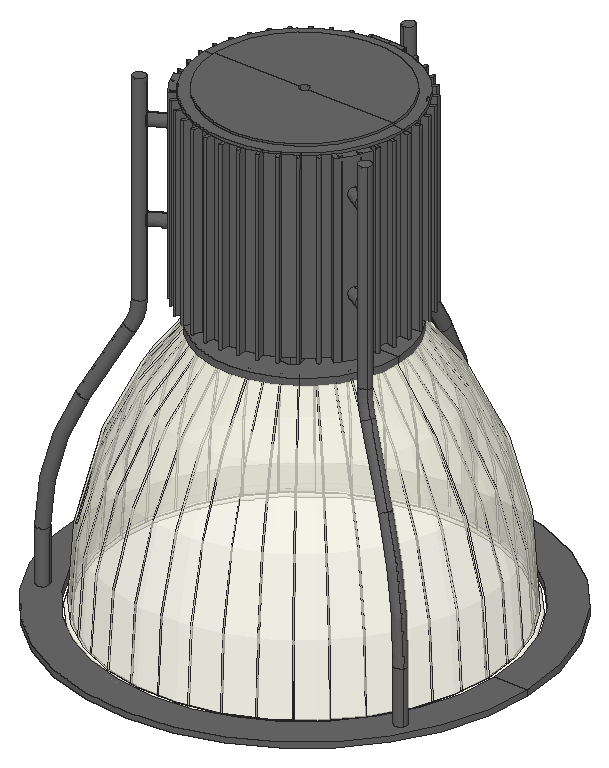
Revit family "PHSA16", category Lighting Fixtures, Revit 2024
Family settings
  Round Connector Dimension = Use Diameter
  Part Type = Normal
  OmniClass Number = 23.80.70.00
  OmniClass Title = Lighting
  Work Plane-Based = No
  Always vertical = Yes
  Cut with Voids When Loaded = No
  Light Source = No
  Maintain Annotation Orientation = No
  Shared = No
  Room Calculation Point = No
Parameters
  Default Elevation = 0' - 0"
Reference planes (in)
  plane 1 "Light Source Axis (F/B)": y = 0
  plane 2: z = 0
  plane 3 "Light Source Axis (L/R)": x = 0
  plane 4 "Light Source Elevation": z = 54
Forms (in)
  Sweep 1, solid, material "GLASS SHADE", not visible
    path origin (75.968, 0, 0.00093) x (1, 0, 0) y (0, 0, 1)
      loop
        arc (-4.5864, 68.3252) -> (-8.91952, 61.72019) -> (-10.59309, 54) r 21.63816
    profile origin (67.04848, 0, 61.72112) x (0.922209, 0, -0.386691) y (0, -1, 0)
      loop
        circle (0, 0) r 0.03125
  Revolve 2, solid, material "GLASS SHADE"
    sketch origin (0, 0, 0) x (1, 0, 0) y (0, 0, 1)
      loop
        arc (7.875, 54.25) -> (6.91833, 60.07945) -> (3.79632, 65.0945) r 15.08491
        line (3.79632, 65.0945) -> (3.66737, 65.0945)
        arc (3.66737, 65.0945) -> (6.82339, 60.06552) -> (7.7796, 54.20577) r 14.99116
        arc (7.7796, 54.20577) -> (7.92758, 54.0116) -> (7.875, 54.25) r 0.125
      axis (0, 65.0945) -> (0, 54.20577)
    angle from 0 to 360
  Sweep 3, solid, material "GLASS SHADE"
    path origin (0, 0, 0) x (1, 0, 0) y (0, 0, 1)
      loop
        arc (-7.7796, 54.20577) -> (-6.79943, 60.05854) -> (-3.66019, 65.0945) r 15.25527
    profile origin (-6.79943, 0, 60.05854) x (-0.935305, 0, 0.353843) y (0, -1, 0)
      loop
        circle (0, 0) r 0.03125
  Sweep 4, solid, material "GLASS SHADE"
    path origin (0, 0, 0) x (0.987688, -0.156434, 0) y (0, 0, 1)
      loop
        arc (-7.7796, 54.20577) -> (-6.79943, 60.05854) -> (-3.66019, 65.0945) r 15.25527
    profile origin (-6.71572, 1.06367, 60.05854) x (-0.92379, 0.146314, 0.353843) y (-0.156434, -0.987688, 0)
      loop
        circle (0, 0) r 0.03125
  Sweep 5, solid, material "GLASS SHADE"
    path origin (0, 0, 0) x (0.987688, 0.156434, 0) y (0, 0, 1)
      loop
        arc (-7.7796, 54.20577) -> (-6.79943, 60.05854) -> (-3.66019, 65.0945) r 15.25527
    profile origin (-6.71572, -1.06367, 60.05854) x (-0.92379, -0.146314, 0.353843) y (0.156434, -0.987688, 0)
      loop
        circle (0, 0) r 0.03125
  Sweep 6, solid, material "GLASS SHADE"
    path origin (0, 0, 0) x (0.951057, 0.309017, 0) y (0, 0, 1)
      loop
        arc (-7.7796, 54.20577) -> (-6.79943, 60.05854) -> (-3.66019, 65.0945) r 15.25527
    profile origin (-6.46665, -2.10114, 60.05854) x (-0.889528, -0.289025, 0.353843) y (0.309017, -0.951057, 0)
      loop
        circle (0, 0) r 0.03125
  Sweep 7, solid, material "GLASS SHADE"
    path origin (0, 0, 0) x (0.891007, 0.45399, 0) y (0, 0, 1)
      loop
        arc (-7.7796, 54.20577) -> (-6.79943, 60.05854) -> (-3.66019, 65.0945) r 15.25527
    profile origin (-6.05834, -3.08688, 60.05854) x (-0.833363, -0.424619, 0.353843) y (0.45399, -0.891007, 0)
      loop
        circle (0, 0) r 0.03125
  Sweep 8, solid, material "GLASS SHADE"
    path origin (0, 0, 0) x (0.809017, 0.587785, 0) y (0, 0, 1)
      loop
        arc (-7.7796, 54.20577) -> (-6.79943, 60.05854) -> (-3.66019, 65.0945) r 15.25527
    profile origin (-5.50086, -3.99661, 60.05854) x (-0.756677, -0.549758, 0.353843) y (0.587785, -0.809017, 0)
      loop
        circle (0, 0) r 0.03125
  Sweep 9, solid, material "GLASS SHADE"
    path origin (0, 0, 0) x (0.707107, 0.707107, 0) y (0, 0, 1)
      loop
        arc (-7.7796, 54.20577) -> (-6.79943, 60.05854) -> (-3.66019, 65.0945) r 15.25527
    profile origin (-4.80793, -4.80793, 60.05854) x (-0.66136, -0.66136, 0.353843) y (0.707107, -0.707107, 0)
      loop
        circle (0, 0) r 0.03125
  Sweep 10, solid, material "GLASS SHADE"
    path origin (0, 0, 0) x (0.587785, 0.809017, 0) y (0, 0, 1)
      loop
        arc (-7.7796, 54.20577) -> (-6.79943, 60.05854) -> (-3.66019, 65.0945) r 15.25527
    profile origin (-3.99661, -5.50086, 60.05854) x (-0.549758, -0.756677, 0.353843) y (0.809017, -0.587785, 0)
      loop
        circle (0, 0) r 0.03125
  Sweep 11, solid, material "GLASS SHADE"
    path origin (0, 0, 0) x (0.45399, 0.891007, 0) y (0, 0, 1)
      loop
        arc (-7.7796, 54.20577) -> (-6.79943, 60.05854) -> (-3.66019, 65.0945) r 15.25527
    profile origin (-3.08688, -6.05834, 60.05854) x (-0.424619, -0.833363, 0.353843) y (0.891007, -0.45399, 0)
      loop
        circle (0, 0) r 0.03125
  Sweep 12, solid, material "GLASS SHADE"
    path origin (0, 0, 0) x (0.309017, 0.951057, 0) y (0, 0, 1)
      loop
        arc (-7.7796, 54.20577) -> (-6.79943, 60.05854) -> (-3.66019, 65.0945) r 15.25527
    profile origin (-2.10114, -6.46665, 60.05854) x (-0.289025, -0.889528, 0.353843) y (0.951057, -0.309017, 0)
      loop
        circle (0, 0) r 0.03125
  Sweep 13, solid, material "GLASS SHADE"
    path origin (0, 0, 0) x (0.156434, 0.987688, 0) y (0, 0, 1)
      loop
        arc (-7.7796, 54.20577) -> (-6.79943, 60.05854) -> (-3.66019, 65.0945) r 15.25527
    profile origin (-1.06367, -6.71572, 60.05854) x (-0.146314, -0.92379, 0.353843) y (0.987688, -0.156434, 0)
      loop
        circle (0, 0) r 0.03125
  Sweep 14, solid, material "GLASS SHADE"
    path origin (0, 0, 0) x (0, 1, 0) y (0, 0, 1)
      loop
        arc (-7.7796, 54.20577) -> (-6.79943, 60.05854) -> (-3.66019, 65.0945) r 15.25527
    profile origin (0, -6.79943, 60.05854) x (0, -0.935305, 0.353843) y (1, 0, 0)
      loop
        circle (0, 0) r 0.03125
  Sweep 15, solid, material "GLASS SHADE"
    path origin (0, 0, 0) x (-0.156434, 0.987688, 0) y (0, 0, 1)
      loop
        arc (-7.7796, 54.20577) -> (-6.79943, 60.05854) -> (-3.66019, 65.0945) r 15.25527
    profile origin (1.06367, -6.71572, 60.05854) x (0.146314, -0.92379, 0.353843) y (0.987688, 0.156434, 0)
      loop
        circle (0, 0) r 0.03125
  Sweep 16, solid, material "GLASS SHADE"
    path origin (0, 0, 0) x (-0.309017, 0.951057, 0) y (0, 0, 1)
      loop
        arc (-7.7796, 54.20577) -> (-6.79943, 60.05854) -> (-3.66019, 65.0945) r 15.25527
    profile origin (2.10114, -6.46665, 60.05854) x (0.289025, -0.889528, 0.353843) y (0.951057, 0.309017, 0)
      loop
        circle (0, 0) r 0.03125
  Sweep 17, solid, material "GLASS SHADE"
    path origin (0, 0, 0) x (-0.45399, 0.891007, 0) y (0, 0, 1)
      loop
        arc (-7.7796, 54.20577) -> (-6.79943, 60.05854) -> (-3.66019, 65.0945) r 15.25527
    profile origin (3.08688, -6.05834, 60.05854) x (0.424619, -0.833363, 0.353843) y (0.891007, 0.45399, 0)
      loop
        circle (0, 0) r 0.03125
  Sweep 18, solid, material "GLASS SHADE"
    path origin (0, 0, 0) x (-0.587785, 0.809017, 0) y (0, 0, 1)
      loop
        arc (-7.7796, 54.20577) -> (-6.79943, 60.05854) -> (-3.66019, 65.0945) r 15.25527
    profile origin (3.99661, -5.50086, 60.05854) x (0.549758, -0.756677, 0.353843) y (0.809017, 0.587785, 0)
      loop
        circle (0, 0) r 0.03125
  Sweep 19, solid, material "GLASS SHADE"
    path origin (0, 0, 0) x (-0.707107, 0.707107, 0) y (0, 0, 1)
      loop
        arc (-7.7796, 54.20577) -> (-6.79943, 60.05854) -> (-3.66019, 65.0945) r 15.25527
    profile origin (4.80793, -4.80793, 60.05854) x (0.66136, -0.66136, 0.353843) y (0.707107, 0.707107, 0)
      loop
        circle (0, 0) r 0.03125
  Sweep 20, solid, material "GLASS SHADE"
    path origin (0, 0, 0) x (-0.809017, 0.587785, 0) y (0, 0, 1)
      loop
        arc (-7.7796, 54.20577) -> (-6.79943, 60.05854) -> (-3.66019, 65.0945) r 15.25527
    profile origin (5.50086, -3.99661, 60.05854) x (0.756677, -0.549758, 0.353843) y (0.587785, 0.809017, 0)
      loop
        circle (0, 0) r 0.03125
  Sweep 21, solid, material "GLASS SHADE"
    path origin (0, 0, 0) x (-0.891007, 0.45399, 0) y (0, 0, 1)
      loop
        arc (-7.7796, 54.20577) -> (-6.79943, 60.05854) -> (-3.66019, 65.0945) r 15.25527
    profile origin (6.05834, -3.08688, 60.05854) x (0.833363, -0.424619, 0.353843) y (0.45399, 0.891007, 0)
      loop
        circle (0, 0) r 0.03125
  Sweep 22, solid, material "GLASS SHADE"
    path origin (0, 0, 0) x (-0.951057, 0.309017, 0) y (0, 0, 1)
      loop
        arc (-7.7796, 54.20577) -> (-6.79943, 60.05854) -> (-3.66019, 65.0945) r 15.25527
    profile origin (6.46665, -2.10114, 60.05854) x (0.889528, -0.289025, 0.353843) y (0.309017, 0.951057, 0)
      loop
        circle (0, 0) r 0.03125
  Sweep 23, solid, material "GLASS SHADE"
    path origin (0, 0, 0) x (-0.987688, 0.156434, 0) y (0, 0, 1)
      loop
        arc (-7.7796, 54.20577) -> (-6.79943, 60.05854) -> (-3.66019, 65.0945) r 15.25527
    profile origin (6.71572, -1.06367, 60.05854) x (0.92379, -0.146314, 0.353843) y (0.156434, 0.987688, 0)
      loop
        circle (0, 0) r 0.03125
  Sweep 24, solid, material "GLASS SHADE"
    path origin (0, 0, 0) x (-1, 0, 0) y (0, 0, 1)
      loop
        arc (-7.7796, 54.20577) -> (-6.79943, 60.05854) -> (-3.66019, 65.0945) r 15.25527
    profile origin (6.79943, 0, 60.05854) x (0.935305, 0, 0.353843) y (0, 1, 0)
      loop
        circle (0, 0) r 0.03125
  Sweep 25, solid, material "GLASS SHADE"
    path origin (0, 0, 0) x (-0.987688, -0.156434, 0) y (0, 0, 1)
      loop
        arc (-7.7796, 54.20577) -> (-6.79943, 60.05854) -> (-3.66019, 65.0945) r 15.25527
    profile origin (6.71572, 1.06367, 60.05854) x (0.92379, 0.146314, 0.353843) y (-0.156434, 0.987688, 0)
      loop
        circle (0, 0) r 0.03125
  Sweep 26, solid, material "GLASS SHADE"
    path origin (0, 0, 0) x (-0.951057, -0.309017, 0) y (0, 0, 1)
      loop
        arc (-7.7796, 54.20577) -> (-6.79943, 60.05854) -> (-3.66019, 65.0945) r 15.25527
    profile origin (6.46665, 2.10114, 60.05854) x (0.889528, 0.289025, 0.353843) y (-0.309017, 0.951057, 0)
      loop
        circle (0, 0) r 0.03125
  Sweep 27, solid, material "GLASS SHADE"
    path origin (0, 0, 0) x (-0.891007, -0.45399, 0) y (0, 0, 1)
      loop
        arc (-7.7796, 54.20577) -> (-6.79943, 60.05854) -> (-3.66019, 65.0945) r 15.25527
    profile origin (6.05834, 3.08688, 60.05854) x (0.833363, 0.424619, 0.353843) y (-0.45399, 0.891007, 0)
      loop
        circle (0, 0) r 0.03125
  Sweep 28, solid, material "GLASS SHADE"
    path origin (0, 0, 0) x (-0.809017, -0.587785, 0) y (0, 0, 1)
      loop
        arc (-7.7796, 54.20577) -> (-6.79943, 60.05854) -> (-3.66019, 65.0945) r 15.25527
    profile origin (5.50086, 3.99661, 60.05854) x (0.756677, 0.549758, 0.353843) y (-0.587785, 0.809017, 0)
      loop
        circle (0, 0) r 0.03125
  Sweep 29, solid, material "GLASS SHADE"
    path origin (0, 0, 0) x (-0.707107, -0.707107, 0) y (0, 0, 1)
      loop
        arc (-7.7796, 54.20577) -> (-6.79943, 60.05854) -> (-3.66019, 65.0945) r 15.25527
    profile origin (4.80793, 4.80793, 60.05854) x (0.66136, 0.66136, 0.353843) y (-0.707107, 0.707107, 0)
      loop
        circle (0, 0) r 0.03125
  Sweep 30, solid, material "GLASS SHADE"
    path origin (0, 0, 0) x (-0.587785, -0.809017, 0) y (0, 0, 1)
      loop
        arc (-7.7796, 54.20577) -> (-6.79943, 60.05854) -> (-3.66019, 65.0945) r 15.25527
    profile origin (3.99661, 5.50086, 60.05854) x (0.549758, 0.756677, 0.353843) y (-0.809017, 0.587785, 0)
      loop
        circle (0, 0) r 0.03125
  Sweep 31, solid, material "GLASS SHADE"
    path origin (0, 0, 0) x (-0.45399, -0.891007, 0) y (0, 0, 1)
      loop
        arc (-7.7796, 54.20577) -> (-6.79943, 60.05854) -> (-3.66019, 65.0945) r 15.25527
    profile origin (3.08688, 6.05834, 60.05854) x (0.424619, 0.833363, 0.353843) y (-0.891007, 0.45399, 0)
      loop
        circle (0, 0) r 0.03125
  Sweep 32, solid, material "GLASS SHADE"
    path origin (0, 0, 0) x (-0.309017, -0.951057, 0) y (0, 0, 1)
      loop
        arc (-7.7796, 54.20577) -> (-6.79943, 60.05854) -> (-3.66019, 65.0945) r 15.25527
    profile origin (2.10114, 6.46665, 60.05854) x (0.289025, 0.889528, 0.353843) y (-0.951057, 0.309017, 0)
      loop
        circle (0, 0) r 0.03125
  Sweep 33, solid, material "GLASS SHADE"
    path origin (0, 0, 0) x (-0.156434, -0.987688, 0) y (0, 0, 1)
      loop
        arc (-7.7796, 54.20577) -> (-6.79943, 60.05854) -> (-3.66019, 65.0945) r 15.25527
    profile origin (1.06367, 6.71572, 60.05854) x (0.146314, 0.92379, 0.353843) y (-0.987688, 0.156434, 0)
      loop
        circle (0, 0) r 0.03125
  Sweep 34, solid, material "GLASS SHADE"
    path origin (0, 0, 0) x (0, -1, 0) y (0, 0, 1)
      loop
        arc (-7.7796, 54.20577) -> (-6.79943, 60.05854) -> (-3.66019, 65.0945) r 15.25527
    profile origin (0, 6.79943, 60.05854) x (0, 0.935305, 0.353843) y (-1, 0, 0)
      loop
        circle (0, 0) r 0.03125
  Sweep 35, solid, material "GLASS SHADE"
    path origin (0, 0, 0) x (0.156434, -0.987688, 0) y (0, 0, 1)
      loop
        arc (-7.7796, 54.20577) -> (-6.79943, 60.05854) -> (-3.66019, 65.0945) r 15.25527
    profile origin (-1.06367, 6.71572, 60.05854) x (-0.146314, 0.92379, 0.353843) y (-0.987688, -0.156434, 0)
      loop
        circle (0, 0) r 0.03125
  Sweep 36, solid, material "GLASS SHADE"
    path origin (0, 0, 0) x (0.309017, -0.951057, 0) y (0, 0, 1)
      loop
        arc (-7.7796, 54.20577) -> (-6.79943, 60.05854) -> (-3.66019, 65.0945) r 15.25527
    profile origin (-2.10114, 6.46665, 60.05854) x (-0.289025, 0.889528, 0.353843) y (-0.951057, -0.309017, 0)
      loop
        circle (0, 0) r 0.03125
  Sweep 37, solid, material "GLASS SHADE"
    path origin (0, 0, 0) x (0.45399, -0.891007, 0) y (0, 0, 1)
      loop
        arc (-7.7796, 54.20577) -> (-6.79943, 60.05854) -> (-3.66019, 65.0945) r 15.25527
    profile origin (-3.08688, 6.05834, 60.05854) x (-0.424619, 0.833363, 0.353843) y (-0.891007, -0.45399, 0)
      loop
        circle (0, 0) r 0.03125
  Sweep 38, solid, material "GLASS SHADE"
    path origin (0, 0, 0) x (0.587785, -0.809017, 0) y (0, 0, 1)
      loop
        arc (-7.7796, 54.20577) -> (-6.79943, 60.05854) -> (-3.66019, 65.0945) r 15.25527
    profile origin (-3.99661, 5.50086, 60.05854) x (-0.549758, 0.756677, 0.353843) y (-0.809017, -0.587785, 0)
      loop
        circle (0, 0) r 0.03125
  Sweep 39, solid, material "GLASS SHADE"
    path origin (0, 0, 0) x (0.707107, -0.707107, 0) y (0, 0, 1)
      loop
        arc (-7.7796, 54.20577) -> (-6.79943, 60.05854) -> (-3.66019, 65.0945) r 15.25527
    profile origin (-4.80793, 4.80793, 60.05854) x (-0.66136, 0.66136, 0.353843) y (-0.707107, -0.707107, 0)
      loop
        circle (0, 0) r 0.03125
  Sweep 40, solid, material "GLASS SHADE"
    path origin (0, 0, 0) x (0.809017, -0.587785, 0) y (0, 0, 1)
      loop
        arc (-7.7796, 54.20577) -> (-6.79943, 60.05854) -> (-3.66019, 65.0945) r 15.25527
    profile origin (-5.50086, 3.99661, 60.05854) x (-0.756677, 0.549758, 0.353843) y (-0.587785, -0.809017, 0)
      loop
        circle (0, 0) r 0.03125
  Sweep 41, solid, material "GLASS SHADE"
    path origin (0, 0, 0) x (0.891007, -0.45399, 0) y (0, 0, 1)
      loop
        arc (-7.7796, 54.20577) -> (-6.79943, 60.05854) -> (-3.66019, 65.0945) r 15.25527
    profile origin (-6.05834, 3.08688, 60.05854) x (-0.833363, 0.424619, 0.353843) y (-0.45399, -0.891007, 0)
      loop
        circle (0, 0) r 0.03125
  Sweep 42, solid, material "GLASS SHADE"
    path origin (0, 0, 0) x (0.951057, -0.309017, 0) y (0, 0, 1)
      loop
        arc (-7.7796, 54.20577) -> (-6.79943, 60.05854) -> (-3.66019, 65.0945) r 15.25527
    profile origin (-6.46665, 2.10114, 60.05854) x (-0.889528, 0.289025, 0.353843) y (-0.309017, -0.951057, 0)
      loop
        circle (0, 0) r 0.03125
  Extrusion 43, solid, material "61"
    sketch origin (-46.69817, -17.29952, 66) x (1, 0, 0) y (0, 1, 0)
      loop
        arc (46.63567, 21.42405) -> (46.37452, 21.41181) -> (46.11468, 21.38305) r 4.125
        line (46.11468, 21.38305) -> (46.06572, 21.69217)
        arc (46.06572, 21.69217) -> (45.99421, 21.74412) -> (45.94226, 21.67261) r 0.0625
        line (45.94226, 21.67261) -> (45.99122, 21.36349)
        arc (45.99122, 21.36349) -> (45.73521, 21.31055) -> (45.48306, 21.24149) r 4.125
        line (45.48306, 21.24149) -> (45.38635, 21.53915)
        arc (45.38635, 21.53915) -> (45.30759, 21.57928) -> (45.26746, 21.50052) r 0.0625
        line (45.26746, 21.50052) -> (45.36418, 21.20287)
        arc (45.36418, 21.20287) -> (45.1196, 21.11053) -> (44.88136, 21.00288) r 4.125
        line (44.88136, 21.00288) -> (44.73927, 21.28174)
        arc (44.73927, 21.28174) -> (44.65521, 21.30905) -> (44.6279, 21.22499) r 0.0625
        line (44.6279, 21.22499) -> (44.76998, 20.94613)
        arc (44.76998, 20.94613) -> (44.54286, 20.81666) -> (44.3244, 20.67307) r 4.125
        line (44.3244, 20.67307) -> (44.14043, 20.92627)
        arc (44.14043, 20.92627) -> (44.05313, 20.9401) -> (44.03931, 20.8528) r 0.0625
        line (44.03931, 20.8528) -> (44.22327, 20.5996)
        arc (44.22327, 20.5996) -> (44.01919, 20.4362) -> (43.82588, 20.2602) r 4.125
        line (43.82588, 20.2602) -> (43.60458, 20.4815)
        arc (43.60458, 20.4815) -> (43.51619, 20.4815) -> (43.51619, 20.39311) r 0.0625
        line (43.51619, 20.39311) -> (43.73749, 20.17181)
        arc (43.73749, 20.17181) -> (43.56149, 19.9785) -> (43.39809, 19.77442) r 4.125
        line (43.39809, 19.77442) -> (43.14489, 19.95838)
        arc (43.14489, 19.95838) -> (43.05759, 19.94456) -> (43.07142, 19.85726) r 0.0625
        line (43.07142, 19.85726) -> (43.32462, 19.67329)
        arc (43.32462, 19.67329) -> (43.18103, 19.45483) -> (43.05156, 19.22771) r 4.125
        line (43.05156, 19.22771) -> (42.7727, 19.36979)
        arc (42.7727, 19.36979) -> (42.68864, 19.34248) -> (42.71595, 19.25842) r 0.0625
        line (42.71595, 19.25842) -> (42.99481, 19.11633)
        arc (42.99481, 19.11633) -> (42.88716, 18.87809) -> (42.79482, 18.63351) r 4.125
        line (42.79482, 18.63351) -> (42.49717, 18.73023)
        arc (42.49717, 18.73023) -> (42.41841, 18.6901) -> (42.45854, 18.61134) r 0.0625
        line (42.45854, 18.61134) -> (42.7562, 18.51463)
        arc (42.7562, 18.51463) -> (42.68714, 18.26248) -> (42.6342, 18.00647) r 4.125
        line (42.6342, 18.00647) -> (42.32508, 18.05543)
        arc (42.32508, 18.05543) -> (42.25357, 18.00348) -> (42.30552, 17.93197) r 0.0625
        line (42.30552, 17.93197) -> (42.61464, 17.88301)
        arc (42.61464, 17.88301) -> (42.58588, 17.62317) -> (42.57364, 17.36202) r 4.125
        line (42.57364, 17.36202) -> (42.26067, 17.36202)
        arc (42.26067, 17.36202) -> (42.19817, 17.29952) -> (42.26067, 17.23702) r 0.0625
        line (42.26067, 17.23702) -> (42.57364, 17.23702)
        arc (42.57364, 17.23702) -> (42.58588, 16.97588) -> (42.61464, 16.71603) r 4.125
        line (42.61464, 16.71603) -> (42.30552, 16.66707)
        arc (42.30552, 16.66707) -> (42.25357, 16.59557) -> (42.32508, 16.54361) r 0.0625
        line (42.32508, 16.54361) -> (42.6342, 16.59257)
        arc (42.6342, 16.59257) -> (42.68714, 16.33656) -> (42.7562, 16.08441) r 4.125
        line (42.7562, 16.08441) -> (42.45854, 15.9877)
        arc (42.45854, 15.9877) -> (42.41841, 15.90895) -> (42.49717, 15.86882) r 0.0625
        line (42.49717, 15.86882) -> (42.79482, 15.96553)
        arc (42.79482, 15.96553) -> (42.88716, 15.72095) -> (42.99481, 15.48271) r 4.125
        line (42.99481, 15.48271) -> (42.71595, 15.34063)
        arc (42.71595, 15.34063) -> (42.68864, 15.25657) -> (42.7727, 15.22925) r 0.0625
        line (42.7727, 15.22925) -> (43.05156, 15.37134)
        arc (43.05156, 15.37134) -> (43.18103, 15.14422) -> (43.32462, 14.92575) r 4.125
        line (43.32462, 14.92575) -> (43.07142, 14.74179)
        arc (43.07142, 14.74179) -> (43.05759, 14.65449) -> (43.14489, 14.64066) r 0.0625
        line (43.14489, 14.64066) -> (43.39809, 14.82462)
        arc (43.39809, 14.82462) -> (43.56149, 14.62055) -> (43.73749, 14.42724) r 4.125
        line (43.73749, 14.42724) -> (43.51619, 14.20593)
        arc (43.51619, 14.20593) -> (43.51619, 14.11754) -> (43.60458, 14.11754) r 0.0625
        line (43.60458, 14.11754) -> (43.82588, 14.33885)
        arc (43.82588, 14.33885) -> (44.01919, 14.16285) -> (44.22327, 13.99945) r 4.125
        line (44.22327, 13.99945) -> (44.03931, 13.74625)
        arc (44.03931, 13.74625) -> (44.05313, 13.65895) -> (44.14043, 13.67277) r 0.0625
        line (44.14043, 13.67277) -> (44.3244, 13.92597)
        arc (44.3244, 13.92597) -> (44.54286, 13.78238) -> (44.76998, 13.65292) r 4.125
        line (44.76998, 13.65292) -> (44.6279, 13.37406)
        arc (44.6279, 13.37406) -> (44.65521, 13.28999) -> (44.73927, 13.31731) r 0.0625
        line (44.73927, 13.31731) -> (44.88136, 13.59617)
        arc (44.88136, 13.59617) -> (45.1196, 13.48852) -> (45.36418, 13.39618) r 4.125
        line (45.36418, 13.39618) -> (45.26746, 13.09852)
        arc (45.26746, 13.09852) -> (45.30759, 13.01977) -> (45.38635, 13.0599) r 0.0625
        line (45.38635, 13.0599) -> (45.48306, 13.35755)
        arc (45.48306, 13.35755) -> (45.73521, 13.2885) -> (45.99122, 13.23555) r 4.125
        line (45.99122, 13.23555) -> (45.94226, 12.92643)
        arc (45.94226, 12.92643) -> (45.99421, 12.85492) -> (46.06572, 12.90688) r 0.0625
        line (46.06572, 12.90688) -> (46.11468, 13.216)
        arc (46.11468, 13.216) -> (46.37452, 13.18724) -> (46.63567, 13.175) r 4.125
        line (46.63567, 13.175) -> (46.63567, 12.86202)
        arc (46.63567, 12.86202) -> (46.69817, 12.79952) -> (46.76067, 12.86202) r 0.0625
        line (46.76067, 12.86202) -> (46.76067, 13.175)
        arc (46.76067, 13.175) -> (47.02181, 13.18724) -> (47.28166, 13.216) r 4.125
        line (47.28166, 13.216) -> (47.33062, 12.90688)
        arc (47.33062, 12.90688) -> (47.40212, 12.85492) -> (47.45408, 12.92643) r 0.0625
        line (47.45408, 12.92643) -> (47.40512, 13.23555)
        arc (47.40512, 13.23555) -> (47.66113, 13.2885) -> (47.91328, 13.35755) r 4.125
        line (47.91328, 13.35755) -> (48.00999, 13.0599)
        arc (48.00999, 13.0599) -> (48.08874, 13.01977) -> (48.12887, 13.09852) r 0.0625
        line (48.12887, 13.09852) -> (48.03216, 13.39618)
        arc (48.03216, 13.39618) -> (48.27674, 13.48852) -> (48.51498, 13.59617) r 4.125
        line (48.51498, 13.59617) -> (48.65706, 13.31731)
        arc (48.65706, 13.31731) -> (48.74112, 13.28999) -> (48.76844, 13.37406) r 0.0625
        line (48.76844, 13.37406) -> (48.62635, 13.65292)
        arc (48.62635, 13.65292) -> (48.85347, 13.78238) -> (49.07194, 13.92597) r 4.125
        line (49.07194, 13.92597) -> (49.2559, 13.67277)
        arc (49.2559, 13.67277) -> (49.3432, 13.65895) -> (49.35703, 13.74625) r 0.0625
        line (49.35703, 13.74625) -> (49.17307, 13.99945)
        arc (49.17307, 13.99945) -> (49.37714, 14.16285) -> (49.57045, 14.33885) r 4.125
        line (49.57045, 14.33885) -> (49.79176, 14.11754)
        arc (49.79176, 14.11754) -> (49.88015, 14.11754) -> (49.88015, 14.20593) r 0.0625
        line (49.88015, 14.20593) -> (49.65884, 14.42724)
        arc (49.65884, 14.42724) -> (49.83484, 14.62055) -> (49.99824, 14.82462) r 4.125
        line (49.99824, 14.82462) -> (50.25144, 14.64066)
        arc (50.25144, 14.64066) -> (50.33874, 14.65449) -> (50.32492, 14.74179) r 0.0625
        line (50.32492, 14.74179) -> (50.07172, 14.92575)
        arc (50.07172, 14.92575) -> (50.21531, 15.14422) -> (50.34477, 15.37134) r 4.125
        line (50.34477, 15.37134) -> (50.62363, 15.22925)
        arc (50.62363, 15.22925) -> (50.7077, 15.25657) -> (50.68038, 15.34063) r 0.0625
        line (50.68038, 15.34063) -> (50.40152, 15.48271)
        arc (50.40152, 15.48271) -> (50.50917, 15.72095) -> (50.60151, 15.96553) r 4.125
        line (50.60151, 15.96553) -> (50.89917, 15.86882)
        arc (50.89917, 15.86882) -> (50.97792, 15.90895) -> (50.93779, 15.9877) r 0.0625
        line (50.93779, 15.9877) -> (50.64014, 16.08441)
        arc (50.64014, 16.08441) -> (50.70919, 16.33656) -> (50.76214, 16.59257) r 4.125
        line (50.76214, 16.59257) -> (51.07126, 16.54361)
        arc (51.07126, 16.54361) -> (51.14277, 16.59557) -> (51.09081, 16.66707) r 0.0625
        line (51.09081, 16.66707) -> (50.78169, 16.71603)
        arc (50.78169, 16.71603) -> (50.81045, 16.97588) -> (50.82269, 17.23702) r 4.125
        line (50.82269, 17.23702) -> (51.13567, 17.23702)
        arc (51.13567, 17.23702) -> (51.19817, 17.29952) -> (51.13567, 17.36202) r 0.0625
        line (51.13567, 17.36202) -> (50.82269, 17.36202)
        arc (50.82269, 17.36202) -> (50.81045, 17.62317) -> (50.78169, 17.88301) r 4.125
        line (50.78169, 17.88301) -> (51.09081, 17.93197)
        arc (51.09081, 17.93197) -> (51.14277, 18.00348) -> (51.07126, 18.05543) r 0.0625
        line (51.07126, 18.05543) -> (50.76214, 18.00647)
        arc (50.76214, 18.00647) -> (50.70919, 18.26248) -> (50.64014, 18.51463) r 4.125
        line (50.64014, 18.51463) -> (50.93779, 18.61134)
        arc (50.93779, 18.61134) -> (50.97792, 18.6901) -> (50.89917, 18.73023) r 0.0625
        line (50.89917, 18.73023) -> (50.60151, 18.63351)
        arc (50.60151, 18.63351) -> (50.50917, 18.87809) -> (50.40152, 19.11633) r 4.125
        line (50.40152, 19.11633) -> (50.68038, 19.25842)
        arc (50.68038, 19.25842) -> (50.7077, 19.34248) -> (50.62363, 19.36979) r 0.0625
        line (50.62363, 19.36979) -> (50.34477, 19.22771)
        arc (50.34477, 19.22771) -> (50.21531, 19.45483) -> (50.07172, 19.67329) r 4.125
        line (50.07172, 19.67329) -> (50.32492, 19.85726)
        arc (50.32492, 19.85726) -> (50.33874, 19.94456) -> (50.25144, 19.95838) r 0.0625
        line (50.25144, 19.95838) -> (49.99824, 19.77442)
        arc (49.99824, 19.77442) -> (49.83484, 19.9785) -> (49.65884, 20.17181) r 4.125
        line (49.65884, 20.17181) -> (49.88015, 20.39311)
        arc (49.88015, 20.39311) -> (49.88015, 20.4815) -> (49.79176, 20.4815) r 0.0625
        line (49.79176, 20.4815) -> (49.57045, 20.2602)
        arc (49.57045, 20.2602) -> (49.37714, 20.4362) -> (49.17307, 20.5996) r 4.125
        line (49.17307, 20.5996) -> (49.35703, 20.8528)
        arc (49.35703, 20.8528) -> (49.3432, 20.9401) -> (49.2559, 20.92627) r 0.0625
        line (49.2559, 20.92627) -> (49.07194, 20.67307)
        arc (49.07194, 20.67307) -> (48.85347, 20.81666) -> (48.62635, 20.94613) r 4.125
        line (48.62635, 20.94613) -> (48.76844, 21.22499)
        arc (48.76844, 21.22499) -> (48.74112, 21.30905) -> (48.65706, 21.28174) r 0.0625
        line (48.65706, 21.28174) -> (48.51498, 21.00288)
        arc (48.51498, 21.00288) -> (48.27674, 21.11053) -> (48.03216, 21.20287) r 4.125
        line (48.03216, 21.20287) -> (48.12887, 21.50052)
        arc (48.12887, 21.50052) -> (48.08874, 21.57928) -> (48.00999, 21.53915) r 0.0625
        line (48.00999, 21.53915) -> (47.91328, 21.24149)
        arc (47.91328, 21.24149) -> (47.66113, 21.31055) -> (47.40512, 21.36349) r 4.125
        line (47.40512, 21.36349) -> (47.45408, 21.67261)
        arc (47.45408, 21.67261) -> (47.40212, 21.74412) -> (47.33062, 21.69217) r 0.0625
        line (47.33062, 21.69217) -> (47.28166, 21.38305)
        arc (47.28166, 21.38305) -> (47.02181, 21.41181) -> (46.76067, 21.42405) r 4.125
        line (46.76067, 21.42405) -> (46.76067, 21.73702)
        arc (46.76067, 21.73702) -> (46.69817, 21.79952) -> (46.63567, 21.73702) r 0.0625
        line (46.63567, 21.73702) -> (46.63567, 21.42405)
    from 0 to 7.80732
  Revolve 44, solid, material "61"
    sketch origin (0, 0, 0) x (1, 0, 0) y (0, 0, 1)
      loop
        line (0.20328, 74) -> (0.20328, 73.80732) -> (4.2478, 73.80732) -> (4.2478, 73.91001) -> (3.80087, 73.91001) -> (3.80087, 74) -> (0.20328, 74)
      loop
        line (3.80335, 66) -> (0, 66) -> (0, 65.91001) -> (3.80335, 65.91001) -> (3.80335, 66)
      loop
        line (0, 65.175) -> (0, 65.09164) -> (3.95909, 65.09164) -> (3.95909, 64.875) -> (4.03574, 64.875) -> (4.03574, 65.175) -> (0, 65.175)
      loop
        line (9.5, 54.375) -> (8.1132, 54.375) -> (8.1132, 54.125) -> (9.5, 54.125) -> (9.5, 54.375)
      axis (0, 74) -> (0, 54.125)
    angle from 0 to 360
  Revolve 45, solid, material "61"
    sketch origin (-2.65723, 0, 0) x (1, 0, 0) y (0, 0, 1)
      loop
        line (0.41619, 65.91001) -> (0, 65.91001) -> (0, 65.175) -> (0.41619, 65.175) -> (0.41619, 65.91001)
      axis (0, 65.175) -> (0, 65.91001)
    angle from 0 to 360
  Revolve 46, solid, material "61"
    sketch origin (1.32861, 2.30123, 0) x (-0.5, -0.866025, 0) y (0, 0, 1)
      loop
        line (0.41619, 65.91001) -> (0, 65.91001) -> (0, 65.175) -> (0.41619, 65.175) -> (0.41619, 65.91001)
      axis (0, 65.175) -> (0, 65.91001)
    angle from 0 to 360
  Revolve 47, solid, material "61"
    sketch origin (1.32861, -2.30123, 0) x (-0.5, 0.866025, 0) y (0, 0, 1)
      loop
        line (0.41619, 65.91001) -> (0, 65.91001) -> (0, 65.175) -> (0.41619, 65.175) -> (0.41619, 65.91001)
      axis (0, 65.175) -> (0, 65.91001)
    angle from 0 to 360
  Sweep 48, solid, material "61"
    path origin (0, 0, 0) x (0.866025, 0.5, 0) y (0, 0, 1)
      loop
        line (-5.55082, 74) -> (-5.55082, 65.55468)
        arc (-5.55082, 65.55468) -> (-5.62749, 64.97234) -> (-5.85226, 64.42968) r 2.25
        line (-5.85226, 64.42968) -> (-7.42758, 61.70115)
        arc (-7.42758, 61.70115) -> (-8.45156, 59.22905) -> (-8.80082, 56.57615) r 10.25
        line (-8.80082, 56.57615) -> (-8.80082, 54.375)
    profile origin (-4.80715, -2.77541, 69.77734) x (0.5, -0.866025, 0) y (0.866025, 0.5, 0)
      loop
        circle (0, 0) r 0.25
  Revolve 49, solid, material "61"
    sketch origin (0, 0, 0) x (0.866025, 0.5, 0) y (0, 0, 1)
      loop
        line (-5.30082, 72.63126) -> (-5.30082, 72.38126) -> (-4.2478, 72.38126) -> (-4.2478, 72.63126) -> (-5.30082, 72.63126)
      axis (-4.2478, 72.38126) -> (-5.30082, 72.38126)
    angle from 0 to 360
  Revolve 50, solid, material "61"
    sketch origin (0, 0, -3.8) x (0.866025, 0.5, 0) y (0, 0, 1)
      loop
        line (-5.30082, 72.63126) -> (-5.30082, 72.38126) -> (-4.2478, 72.38126) -> (-4.2478, 72.63126) -> (-5.30082, 72.63126)
      axis (-4.2478, 72.38126) -> (-5.30082, 72.38126)
    angle from 0 to 360
  Sweep 51, solid, material "61"
    path origin (0, 0, 0) x (0, -1, 0) y (0, 0, 1)
      loop
        line (-5.55082, 74) -> (-5.55082, 65.55468)
        arc (-5.55082, 65.55468) -> (-5.62749, 64.97234) -> (-5.85226, 64.42968) r 2.25
        line (-5.85226, 64.42968) -> (-7.42758, 61.70115)
        arc (-7.42758, 61.70115) -> (-8.45156, 59.22905) -> (-8.80082, 56.57615) r 10.25
        line (-8.80082, 56.57615) -> (-8.80082, 54.375)
    profile origin (0, 5.55082, 69.77734) x (-1, 0, 0) y (0, -1, 0)
      loop
        circle (0, 0) r 0.25
  Revolve 52, solid, material "61"
    sketch origin (0, 0, 0) x (0, -1, 0) y (0, 0, 1)
      loop
        line (-5.30082, 72.63126) -> (-5.30082, 72.38126) -> (-4.2478, 72.38126) -> (-4.2478, 72.63126) -> (-5.30082, 72.63126)
      axis (-4.2478, 72.38126) -> (-5.30082, 72.38126)
    angle from 0 to 360
  Revolve 53, solid, material "61"
    sketch origin (0, 0, -3.8) x (0, -1, 0) y (0, 0, 1)
      loop
        line (-5.30082, 72.63126) -> (-5.30082, 72.38126) -> (-4.2478, 72.38126) -> (-4.2478, 72.63126) -> (-5.30082, 72.63126)
      axis (-4.2478, 72.38126) -> (-5.30082, 72.38126)
    angle from 0 to 360
  Sweep 54, solid, material "61"
    path origin (0, 0, 0) x (-0.866025, 0.5, 0) y (0, 0, 1)
      loop
        line (-5.55082, 74) -> (-5.55082, 65.55468)
        arc (-5.55082, 65.55468) -> (-5.62749, 64.97234) -> (-5.85226, 64.42968) r 2.25
        line (-5.85226, 64.42968) -> (-7.42758, 61.70115)
        arc (-7.42758, 61.70115) -> (-8.45156, 59.22905) -> (-8.80082, 56.57615) r 10.25
        line (-8.80082, 56.57615) -> (-8.80082, 54.375)
    profile origin (4.80715, -2.77541, 69.77734) x (0.5, 0.866025, 0) y (-0.866025, 0.5, 0)
      loop
        circle (0, 0) r 0.25
  Revolve 55, solid, material "61"
    sketch origin (0, 0, 0) x (-0.866025, 0.5, 0) y (0, 0, 1)
      loop
        line (-5.30082, 72.63126) -> (-5.30082, 72.38126) -> (-4.2478, 72.38126) -> (-4.2478, 72.63126) -> (-5.30082, 72.63126)
      axis (-4.2478, 72.38126) -> (-5.30082, 72.38126)
    angle from 0 to 360
  Revolve 56, solid, material "61"
    sketch origin (0, 0, -3.8) x (-0.866025, 0.5, 0) y (0, 0, 1)
      loop
        line (-5.30082, 72.63126) -> (-5.30082, 72.38126) -> (-4.2478, 72.38126) -> (-4.2478, 72.63126) -> (-5.30082, 72.63126)
      axis (-4.2478, 72.38126) -> (-5.30082, 72.38126)
    angle from 0 to 360
  Extrusion 57, solid, material "61"
    sketch origin (0, 0.07031, 0) x (1, 0, 0) y (0, 1, 0)
      loop
        arc (0.70087, 4.42509) -> (0.0002, 4.48026) -> (-0.70003, 4.41981) r 4.27232
        line (-0.70003, 4.41981) -> (-0.65367, 4.12712)
        arc (-0.65367, 4.12712) -> (0, 4.17857) -> (0.65367, 4.12712) r 4.17857
        line (0.65367, 4.12712) -> (0.70087, 4.42509)
    from 66 to 73.80732
  Extrusion 58, solid, material "61"
    sketch origin (0.06089, -0.03516, 0) x (-0.5, -0.866025, 0) y (0.866025, -0.5, 0)
      loop
        arc (0.70087, 4.42509) -> (0.0002, 4.48026) -> (-0.70003, 4.41981) r 4.27232
        line (-0.70003, 4.41981) -> (-0.65367, 4.12712)
        arc (-0.65367, 4.12712) -> (0, 4.17857) -> (0.65367, 4.12712) r 4.17857
        line (0.65367, 4.12712) -> (0.70087, 4.42509)
    from 66 to 73.80732
  Extrusion 59, solid, material "61"
    sketch origin (-0.06089, -0.03516, 0) x (-0.5, 0.866025, 0) y (-0.866025, -0.5, 0)
      loop
        arc (0.70087, 4.42509) -> (0.0002, 4.48026) -> (-0.70003, 4.41981) r 4.27232
        line (-0.70003, 4.41981) -> (-0.65367, 4.12712)
        arc (-0.65367, 4.12712) -> (0, 4.17857) -> (0.65367, 4.12712) r 4.17857
        line (0.65367, 4.12712) -> (0.70087, 4.42509)
    from 66 to 73.80732
Dimensions and locks (in)
  aligned and locked: level to plane 2
